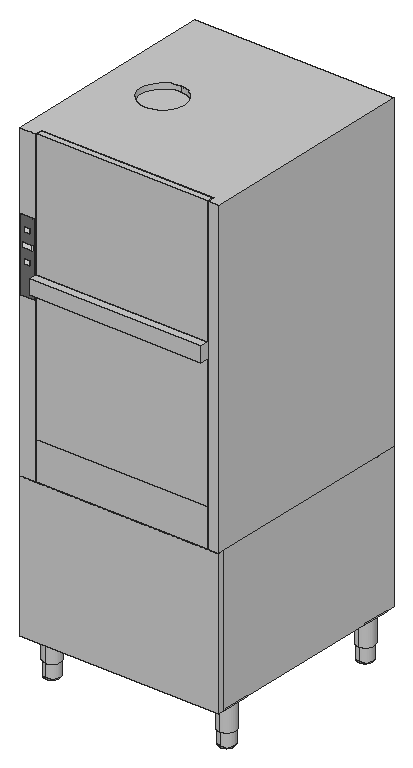
Revit family "QF_COMENDA_6G3232_6G3213_", category Attrezzature speciali, Revit 2021
Family settings
  Quota connettore circolare = Usa diametro
  Tipo di parte = Normale
  Numero OmniClass = 23.40.40.14
  Titolo OmniClass = Food Service Equipment
  Basato su piano di lavoro = No
  Sempre verticale = Sì
  Taglio con vuoti quando caricato = No
  Condiviso = No
  Punto di calcolo locali = No
Parameters (values of type "6G3213")
  URL catalogo = "https://comenda.eu/wp-content/uploads/2024/02/Scheda-tecnica_G-EVO-50H-R_12.02.2024_ITA.pdf"
  URL = "www.comenda.eu"
  Tensione = 380 V
  Temperatura raccomandata per acqua calda = 50 °C
  Show Logo [instance] = yes
  Show Clearance [instance] = yes
  Protezione contro le sovracorrenti = 16 A
  Prospetto di default = 0 mm
  Profondità = 845 mm
  Pressione minima acqua calda = 2000.0 Pa
  Potenza elettrica = 7500 W
  Peso netto = 150.00 kg
  Numero dei poli = 3
  Modello = "G-EVO 50H R RCD"
  Produttore = "COMENDA"
  Lunghezza = 740 mm
  Frequenza = 50 Hz
  Fase = 3
  Diametro raccordo acqua calda = 3/4"
  Diametro dello scarico diretto di acqua = 1 1/2"
  Descrizione = "THREE-PHASE FRONT LOADING POTWASHER WITH RCD"
  Corrente di funzionamento normale = 11.5 A
  Assembly Code = ""
  Altezza dello scarico diretto acqua da pavimento finito = 230 mm
  Altezza da terra raccordo acqua calda = 230 mm
  Altezza allacciamento elettrico da pavimento finito = 365 mm
  Altezza = 1845 mm
Types (2, lengths in mm): name | URL catalogo | Tensione | Modello | Descrizione | Altezza
  6G3232 | "https://comenda.eu/wp-content/uploads/2024/02/Scheda-tecnica_G-EVO-50_15.02.2024_ITA.pdf" | 400 V | "G-EVO 50 R RCD" | "THREE-PHASE FRONT LOADING POTWASHER  WITH RCD" | 1695
  6G3213 | "https://comenda.eu/wp-content/uploads/2024/02/Scheda-tecnica_G-EVO-50H-R_12.02.2024_ITA.pdf" | 380 V | "G-EVO 50H R RCD" | "THREE-PHASE FRONT LOADING POTWASHER WITH RCD" | 1845
Reference planes
  plane 1 "Back": y = 0
  plane 2: z = 0
  plane 3 "Left": x = -39.997
  plane 4 "Right": x = 700.003
  plane 5 "Front": y = -813.5
  plane 6 "Top": z = 1845
Forms (mm)
  Extrusion 1, solid
    sketch origin (5.723, -7.595, 146.56) x (1, 0, 0) y (0, 1, 0)
      loop
        line (-25.721, -24.905) -> (-25.721, -134.905) -> (44.279, -134.905) -> (44.279, -24.905) -> (-25.721, -24.905)
      loop
        line (624.279, -24.905) -> (624.279, -134.905) -> (694.279, -134.905) -> (694.279, -24.905) -> (624.279, -24.905)
      loop
        line (-25.721, -671.099) -> (-25.721, -781.099) -> (44.279, -781.099) -> (44.279, -671.099) -> (-25.721, -671.099)
      loop
        line (624.279, -674.517) -> (624.279, -781.099) -> (694.279, -781.099) -> (694.279, -674.517) -> (624.279, -674.517)
    from 0 to 3.44
  Revolve 2, solid
    sketch origin (15.003, -7.595, 0) x (0, 1, 0) y (0, 0, 1)
      loop
        line (-47.905, 56.56) -> (-47.905, 146.56) -> (-79.905, 146.56) -> (-79.905, 0) -> (-56.359, 0)
        arc (-56.359, 0) -> (-53.21, 1.305) -> (-51.905, 4.454) r 4.454
        line (-51.905, 4.454) -> (-51.905, 56.56) -> (-47.905, 56.56)
      axis (-79.905, 0) -> (-79.905, 146.56)
    angle from 0 to 360
  Revolve 3, solid
    sketch origin (665.003, -7.595, 0) x (0, 1, 0) y (0, 0, 1)
      loop
        line (-47.905, 56.56) -> (-47.905, 146.56) -> (-79.905, 146.56) -> (-79.905, 0) -> (-56.359, 0)
        arc (-56.359, 0) -> (-53.21, 1.305) -> (-51.905, 4.454) r 4.454
        line (-51.905, 4.454) -> (-51.905, 56.56) -> (-47.905, 56.56)
      axis (-79.905, 0) -> (-79.905, 146.56)
    angle from 0 to 360
  Revolve 4, solid
    sketch origin (15.003, -649.095, 0) x (0, 1, 0) y (0, 0, 1)
      loop
        line (-51.405, 56.56) -> (-51.405, 146.56) -> (-83.405, 146.56) -> (-83.405, 0) -> (-59.859, 0)
        arc (-59.859, 0) -> (-56.71, 1.305) -> (-55.405, 4.454) r 4.454
        line (-55.405, 4.454) -> (-55.405, 56.56) -> (-51.405, 56.56)
      axis (-83.405, 0) -> (-83.405, 146.56)
    angle from 0 to 360
  Revolve 5, solid
    sketch origin (665.003, -649.095, 0) x (0, 1, 0) y (0, 0, 1)
      loop
        line (-51.405, 56.56) -> (-51.405, 146.56) -> (-83.405, 146.56) -> (-83.405, 0) -> (-59.859, 0)
        arc (-59.859, 0) -> (-56.71, 1.305) -> (-55.405, 4.454) r 4.454
        line (-55.405, 4.454) -> (-55.405, 56.56) -> (-51.405, 56.56)
      axis (-83.405, 0) -> (-83.405, 146.56)
    angle from 0 to 360
  Extrusion 6, solid
    sketch origin (0, 0, 0) x (0, 1, 0) y (0, 0, 1)
      loop
        line (0, 684) -> (-793.5, 684) -> (-793.5, 150) -> (0, 150) -> (0, 684)
    from -39.997 to 700.003
  Extrusion 7, solid
    sketch origin (0, 0, 0) x (0, 1, 0) y (0, 0, 1)
      loop
        line (-793.5, 684) -> (-813.5, 684) -> (-813.5, 150) -> (-793.5, 150) -> (-793.5, 684)
    from -39.997 to 700.003
  Extrusion 8, solid
    sketch origin (0, 0, 710) x (1, 0, 0) y (0, 1, 0)
      loop
        line (700.003, 0) -> (-39.997, 0) -> (-39.997, -813.496) -> (20.003, -813.496) -> (20.003, -788.496) -> (660.003, -788.496) -> (660.003, -813.496) -> (700.003, -813.496) -> (700.003, 0)
    from -26 to 1135
  Extrusion 9, solid
    sketch origin (0, 3.5, 710) x (1, 0, 0) y (0, 1, 0)
      loop
        line (21.503, -791.996) -> (21.503, -816.996) -> (658.503, -816.996) -> (658.503, -791.996) -> (21.503, -791.996)
    from -26 to 115
  Extrusion 10, solid
    sketch origin (0, 3.5, 912.5) x (1, 0, 0) y (0, 1, 0)
      loop
        line (21.503, -791.996) -> (21.503, -816.996) -> (658.503, -816.996) -> (658.503, -791.996) -> (21.503, -791.996)
    from -87 to 462.5
  Extrusion 11, solid
    sketch origin (0, 3.5, 1409.118) x (1, 0, 0) y (0, 1, 0)
      loop
        line (21.503, -791.996) -> (21.503, -816.996) -> (658.503, -816.996) -> (658.503, -791.996) -> (21.503, -791.996)
    from -34.118 to 435.882
  Extrusion 12, solid
    sketch origin (37.5, 0, 88.221) x (0, 1, 0) y (0, 0, 1)
      loop
        line (-813.496, 1286.779) -> (-844.996, 1286.779) -> (-844.996, 1231.779) -> (-813.496, 1231.779) -> (-813.496, 1286.779)
    from -17.5 to 621.003
  Extrusion 13, solid, visible <- "Show Clearance", detail levels coarse
    sketch origin (-15.997, 0, -87.5) x (0, 1, 0) y (0, 0, 1)
      loop
        arc (-813.496, 1407.118) -> (-1163.244, 1262.248) -> (-1308.114, 912.5) r 494.618
        line (-1308.114, 912.5) -> (-813.496, 912.5) -> (-813.496, 1407.118)
    from 37.5 to 674.5
  Extrusion 14, solid, visible <- "Show Clearance", detail levels coarse
    sketch origin (0, 3.5, 1749.118) x (1, 0, 0) y (0, 1, 0)
      loop
        line (21.503, -791.996) -> (21.503, -816.996) -> (658.503, -816.996) -> (658.503, -791.996) -> (21.503, -791.996)
    from 95.882 to 430.9
  Extrusion 15, solid
    sketch origin (0, 0, 700) x (0, 0, 1) y (1, 0, 0)
      loop
        circle (-470, 190.203) r 20
      loop
        circle (-470, 450.003) r 10
      loop
        circle (-335, 450.003) r 15
    from 0 to 2
  Extrusion 16, void
    sketch origin (-25, 3.5, 1845) x (0, 1, 0) y (1, 0, 0)
      loop
        circle (-415.5, 195.003) r 82.5
    from 0 to 20
  Extrusion 17, solid
    sketch origin (-784.997, -813.496, 688.921) x (1, 0, 0) y (0, 0, 1)
      loop
        line (800, 871) -> (750, 871) -> (750, 601) -> (800, 601) -> (800, 871)
    from 0 to 2
  Extrusion 18, solid
    sketch origin (-1984.999, -815.496, 716.572) x (1, 0, 0) y (0, 0, 1)
      loop
        line (1993.501, 752.409) -> (1956.501, 752.409) -> (1956.501, 734.409) -> (1993.501, 734.409) -> (1993.501, 752.409)
      loop
        line (1983.001, 788.909) -> (1983.001, 804.909) -> (1967.001, 804.909) -> (1967.001, 788.909) -> (1983.001, 788.909)
      loop
        line (1983.001, 681.909) -> (1983.001, 697.909) -> (1967.001, 697.909) -> (1967.001, 681.909) -> (1983.001, 681.909)
    from 0 to 1.5
Cuts and joins
  Extrusion 16 cuts Extrusion 8
Lines and regions (mm)
  symbolic lines, style "200-EquipBorder-2D"
    curve 1: line (-39.997, 0, 0) -> (700.003, 0, 0)
    curve 2: line (700.003, 0, 0) -> (700.003, -813.496, 0)
    curve 3: line (658.503, -813.496, 0) -> (658.503, -844.996, 0)
    curve 4: line (658.503, -844.996, 0) -> (20, -844.996, 0)
    curve 5: line (20, -844.996, 0) -> (20, -813.496, 0)
    curve 6: line (700.003, -813.496, 0) -> (-39.997, -813.496, 0)
    curve 7: line (-39.997, -813.496, 0) -> (-39.997, 0, 0)
  symbolic lines, style "200-EquipInternal-2D"
    curve 8: line (21.503, -813.496, 0) -> (21.503, -793.5, 0)
    curve 9: line (21.503, -793.5, 0) -> (658.503, -793.5, 0)
    curve 10: line (658.503, -793.5, 0) -> (658.503, -813.496, 0)
    curve 11: circle (170.503, -412, 0) r 82 normal (0, 0, 1)
  symbolic lines, style "QF_Door-Drawer Clearances", visible <- "Show Clearance"
    curve 12: line (20, -844.996, 0) -> (20, -1308.114, 0)
    curve 13: line (20, -1308.114, 0) -> (658.503, -1308.114, 0)
    curve 14: line (658.503, -1308.114, 0) -> (658.503, -844.996, 0)
Dimensions and locks
  plane 3 "Left" to plane 4 "Right" = 740 mm
  plane 5 "Front" to plane 1 "Back" = 813.5 mm
  plane 6 "Top" to level = 1845 mm
  Extrusion 6 to Extrusion 15 sketch curve = 80 mm  (x2)
  Extrusion 6 to Extrusion 15 sketch curve = 215 mm
  Extrusion 6 to Extrusion 15 sketch curve = 490 mm  (x2)
  Extrusion 6 to Extrusion 15 sketch curve = 230.2 mm
  "Altezza": plane 6 "Top" to level
  locked: plane 6 "Top" to Extrusion 11 at 470
  plane 4 "Right" to plane 3 "Left" = 740 mm
  locked: Extrusion 18 to Extrusion 17 at 108.561
  locked: Extrusion 14 to plane 6 "Top" at 335.018
  plane 1 "Back" to plane 5 "Front" = 813.5 mm
  locked: Extrusion 17 to level at 1289.921
  locked: Extrusion 17 to Extrusion 17 at 270
  aligned and locked: level to plane 2
  aligned and locked: plane 6 "Top" to Extrusion 8
  aligned and locked: Extrusion 14 to plane 6 "Top"
  aligned and locked: plane 6 "Top" to Extrusion 11
  aligned and locked: Extrusion 10 to Extrusion 11
  aligned and locked: Extrusion 12 to Extrusion 10
  aligned and locked: Extrusion 7 to Extrusion 6
  aligned and locked: Extrusion 7 to plane 3 "Left"
Automatic sketch dimensions
  Revolve 2 sketch curve to level = 0 mm
  plane 1 "Back" to Revolve 2 sketch curve = 87.5 mm
  Revolve 2 sketch curve to Revolve 2 sketch curve = 23.546 mm
  plane 1 "Back" to Revolve 2 sketch curve = 59.5 mm
  Revolve 2 sketch curve to Revolve 2 sketch curve = 4 mm
  Revolve 2 sketch curve to Revolve 2 sketch curve = 52.106 mm
  Revolve 2 sketch curve to Revolve 2 sketch curve = 90 mm
  Revolve 2 sketch curve to Revolve 2 sketch curve = 0 mm  (x2)
  Revolve 2 sketch curve to Revolve 2 sketch curve = 10 mm
  Revolve 3 sketch curve to level = 0 mm
  plane 1 "Back" to Revolve 3 sketch curve = 87.5 mm
  Revolve 3 sketch curve to Revolve 3 sketch curve = 23.546 mm
  plane 1 "Back" to Revolve 3 sketch curve = 59.5 mm
  Revolve 3 sketch curve to Revolve 3 sketch curve = 4 mm
  Revolve 3 sketch curve to Revolve 3 sketch curve = 52.106 mm
  Revolve 3 sketch curve to Revolve 3 sketch curve = 90 mm
  Revolve 3 sketch curve to Revolve 3 sketch curve = 0 mm  (x2)
  Revolve 3 sketch curve to Revolve 3 sketch curve = 10 mm
  Revolve 4 sketch curve to level = 0 mm
  plane 5 "Front" to Revolve 4 sketch curve = 81 mm
  Revolve 4 sketch curve to Revolve 4 sketch curve = 23.546 mm
  Revolve 4 sketch curve to Revolve 4 sketch curve = 4.454 mm
  Revolve 4 sketch curve to Revolve 4 sketch curve = 4 mm
  Revolve 4 sketch curve to Revolve 4 sketch curve = 52.106 mm
  Revolve 4 sketch curve to Revolve 4 sketch curve = 90 mm
  Revolve 4 sketch curve to Revolve 4 sketch curve = 0 mm  (x2)
  Revolve 4 sketch curve to Revolve 4 sketch curve = 10 mm
  Revolve 5 sketch curve to level = 0 mm
  plane 5 "Front" to Revolve 5 sketch curve = 81 mm
  Revolve 5 sketch curve to Revolve 5 sketch curve = 23.546 mm
  Revolve 5 sketch curve to Revolve 5 sketch curve = 4.454 mm
  Revolve 5 sketch curve to Revolve 5 sketch curve = 4 mm
  Revolve 5 sketch curve to Revolve 5 sketch curve = 52.106 mm
  Revolve 5 sketch curve to Revolve 5 sketch curve = 90 mm
  Revolve 5 sketch curve to Revolve 5 sketch curve = 0 mm  (x2)
  Revolve 5 sketch curve to Revolve 5 sketch curve = 10 mm
  Extrusion 6 sketch curve to plane 1 "Back" = 0 mm
  plane 5 "Front" to Extrusion 6 sketch curve = 20 mm
  level to Extrusion 6 sketch curve = 150 mm
  Extrusion 6 sketch curve to Extrusion 6 sketch curve = 534 mm
  Extrusion 13 sketch curve to plane 5 "Front" = 494.614 mm
  plane 5 "Front" to Extrusion 13 sketch curve = 0.004 mm
  Extrusion 13 sketch curve to Extrusion 13 sketch curve = 0 mm
  level to Extrusion 13 sketch curve = 825 mm
  Extrusion 7 sketch curve to plane 5 "Front" = 0 mm
  plane 5 "Front" to Extrusion 7 sketch curve = 20 mm
  level to Extrusion 7 sketch curve = 150 mm
  Extrusion 7 sketch curve to Extrusion 7 sketch curve = 534 mm
  plane 3 "Left" to Extrusion 1 sketch curve = 20 mm  (x2)
  plane 5 "Front" to Extrusion 1 sketch curve = 24.806 mm  (x2)
  Extrusion 1 sketch curve to Extrusion 1 sketch curve = 70 mm  (x2)
  plane 1 "Back" to Extrusion 1 sketch curve = 32.5 mm  (x2)
  plane 4 "Right" to Extrusion 1 sketch curve = 70 mm  (x2)
  plane 4 "Right" to Extrusion 1 sketch curve = 0 mm  (x2)
  Extrusion 1 sketch curve to Extrusion 1 sketch curve = 110 mm  (x2)
  Extrusion 1 sketch curve to Extrusion 1 sketch curve = 106.582 mm
  plane 1 "Back" to Extrusion 1 sketch curve = 142.5 mm
  plane 1 "Back" to Extrusion 8 sketch curve = 0 mm
  Extrusion 8 sketch curve to plane 3 "Left" = 0 mm
  Extrusion 8 sketch curve to plane 4 "Right" = 0 mm
  plane 5 "Front" to Extrusion 8 sketch curve = 0.004 mm  (x2)
  plane 3 "Left" to Extrusion 8 sketch curve = 60 mm
  plane 4 "Right" to Extrusion 8 sketch curve = 40 mm
  Extrusion 8 sketch curve to Extrusion 8 sketch curve = 25 mm
  plane 5 "Front" to Extrusion 9 sketch curve = 0.004 mm
  plane 3 "Left" to Extrusion 9 sketch curve = 61.5 mm
  plane 4 "Right" to Extrusion 9 sketch curve = 41.5 mm
  Extrusion 9 sketch curve to Extrusion 9 sketch curve = 25 mm
  plane 5 "Front" to Extrusion 10 sketch curve = 0.004 mm
  plane 3 "Left" to Extrusion 10 sketch curve = 61.5 mm
  plane 4 "Right" to Extrusion 10 sketch curve = 41.5 mm
  Extrusion 10 sketch curve to Extrusion 10 sketch curve = 25 mm
  plane 5 "Front" to Extrusion 11 sketch curve = 0.004 mm
  plane 3 "Left" to Extrusion 11 sketch curve = 61.5 mm
  plane 4 "Right" to Extrusion 11 sketch curve = 41.5 mm
  Extrusion 11 sketch curve to Extrusion 11 sketch curve = 25 mm
  Extrusion 12 sketch curve to plane 5 "Front" = 31.496 mm
  plane 5 "Front" to Extrusion 12 sketch curve = 0.004 mm
  Extrusion 12 sketch curve to plane 6 "Top" = 525 mm
  Extrusion 12 sketch curve to Extrusion 12 sketch curve = 55 mm
  plane 5 "Front" to Extrusion 14 sketch curve = 0.004 mm
  plane 3 "Left" to Extrusion 14 sketch curve = 61.5 mm
  plane 4 "Right" to Extrusion 14 sketch curve = 41.5 mm
  Extrusion 14 sketch curve to Extrusion 14 sketch curve = 25 mm
  Extrusion 8 to Extrusion 16 sketch curve = 150 mm
  Extrusion 16 sketch curve to Extrusion 8 = 376.496 mm
  plane 3 "Left" to Extrusion 17 sketch curve = 5 mm
  Extrusion 17 sketch curve to Extrusion 17 sketch curve = 50 mm
  Extrusion 17 sketch curve to plane 6 "Top" = 555.079 mm
  Extrusion 17 sketch curve to plane 6 "Top" = 285.079 mm
  plane 3 "Left" to Extrusion 18 sketch curve = 11.5 mm
  plane 3 "Left" to Extrusion 18 sketch curve = 22 mm  (x2)
  Extrusion 18 sketch curve to Extrusion 18 sketch curve = 16 mm  (x4)
  Extrusion 18 sketch curve to Extrusion 18 sketch curve = 37 mm
  Extrusion 18 sketch curve to plane 6 "Top" = 446.518 mm
  Extrusion 18 sketch curve to Extrusion 18 sketch curve = 36.5 mm  (x2)
  Extrusion 18 sketch curve to Extrusion 18 sketch curve = 18 mm
  plane 1 "Back" to curve 1 = 0 mm
  curve 1 to plane 3 "Left" = 0 mm
  curve 2 to plane 4 "Right" = 0 mm
  plane 3 "Left" to curve 12 = 59.997 mm
  curve 5 to curve 9 = 1.503 mm
  plane 3 "Left" to curve 11 = 210.5 mm
  plane 4 "Right" to curve 13 = 41.5 mm
  curve 9 to curve 3 = 0 mm
  plane 1 "Back" to curve 11 = 412 mm
  plane 5 "Front" to curve 10 = 20 mm
  plane 5 "Front" to curve 2 = 0.004 mm
  curve 14 to plane 5 "Front" = 31.496 mm
  curve 14 to curve 3 = 463.118 mm
  radius of Extrusion 15 sketch curve = 20 mm
  radius of Extrusion 15 sketch curve = 10 mm
  radius of Extrusion 15 sketch curve = 15 mm
  radius of Extrusion 16 sketch curve = 82.5 mm
  radius of curve 11 = 82 mm
Connectors
  piping at (450.003, 2, 230), diameter 19.05, driven by "Diametro raccordo acqua calda"
    settings: on Extrusion 15, index 3, connector inside diameter 24", connector length 0 mm, flow factor 0, pipe flow 0.0 L/s, pressure drop 0.0 Pa, fitting loss kfactor 0, connector angle 0.00°, fixture units 0, engagement length 0 mm, angle of deflection 0.00°, flow configuration 0, flow direction 1, fitting loss method 0, system type 19, joint type 0, gender type 0, connector reference index -1, connector utility 0, adjustable connector no, is connector primary yes, connector description "QF_Water Inlet"
  electrical at (450.003, 2, 365), driven by "Numero dei poli", driven by "Tensione", driven by "Potenza elettrica"
    settings: on Extrusion 15, index 5, voltage 380 V, apparent load 7500 VA, apparent load phase1 0 VA, apparent load phase2 0 VA, apparent load phase3 0 VA, power factor 1, load classification "Altro", number of poles 3, system type 30, power factor state 1, is connector primary yes, connector utility no, sub classification motor no, connector description "QF_Electrical Connection"
  piping at (190.203, 2, 230), diameter 38.1, driven by "Diametro dello scarico diretto di acqua"
    settings: on Extrusion 15, index 6, connector inside diameter 24", connector length 0 mm, flow factor 0, pipe flow 0.0 L/s, pressure drop 0.0 Pa, fitting loss kfactor 0, connector angle 0.00°, fixture units 0, engagement length 0 mm, angle of deflection 0.00°, flow configuration 0, flow direction 2, fitting loss method 0, system type 16, joint type 0, gender type 0, connector reference index -1, connector utility 0, adjustable connector no, is connector primary no, connector description "QF_Drain Connection"
  hvac at (170.003, -412, 1825)
    settings: on cut or joined group of Extrusion 8, Extrusion 16, index 7, duct flow 0.0 L/s, flow factor 0, pres drop 0.0 Pa, loss coef 0, conn angle 0.00°, conn width 304.8 mm, conn height 304.8 mm, conn diameter 165 mm, duct sys type 3, conn prof type 0, flow config 0, flow direction 2, loss method 0, conn ref index -1, conn util no, is conn primary yes, conn desc "QF_EXHAUST_AIR_CONNECTION"
